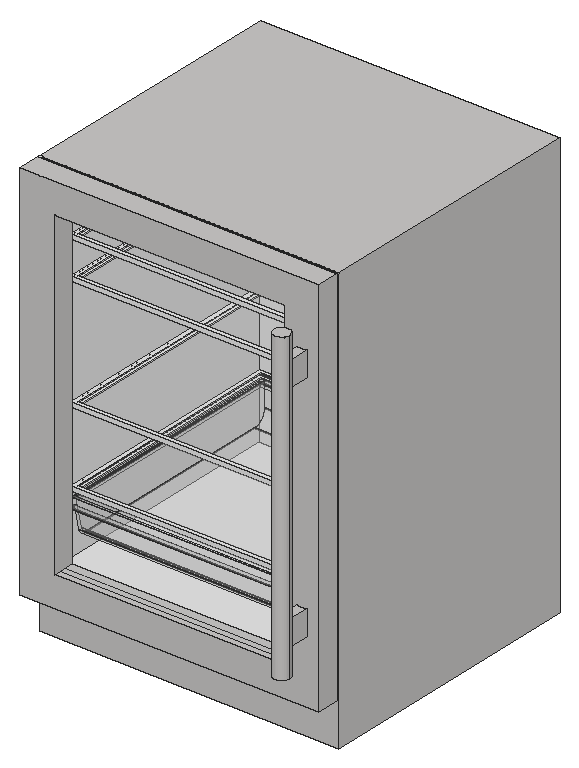
Revit family "542b6c9919b34408b3361f1dc7c026cc", category Specialty Equipment, Revit 2021
Family settings
  Round Connector Dimension = Use Diameter
  Part Type = Normal
  OmniClass Number = 23.40.40.14
  OmniClass Title = Food Service Equipment
  Work Plane-Based = No
  Always vertical = Yes
  Cut with Voids When Loaded = No
  Shared = No
  Room Calculation Point = No
Parameters (values of type "24" LH")
  Width = 1' - 11 7/8"
  Wall Offset = 0' - 1"
  Voltage = 120 V
  Type Comments = ""
  Show Label = yes
  RH = no
  Power Consumption = 500 VA
  Label = "U.C. Refr."
  LH = not(RH)  # yes
  Interior Finish = Appliance - Plastic - White
  Height = 2' - 10"
  Handle Centerline = if(RH, 0' 1 3/8", (Width - 0' 1 3/8"))  # 1' - 10 1/2"
  Glass = Appliance - Glass
  Gasket = Appliance - Gasket
  Description = "Undercounter Beverage Center"
  Depth = 2' - 0"
  Default Elevation = 0' - 0"
  Clear Finish = Appliance - Plastic - Clear
  Assembly Code = "E1090320"
  Appliance Finish = Appliance - Stainless Steel
  Amperage = Power Consumption / Voltage  # 4.16667 A
Types (2): name
  24" RH
  24" LH
Reference planes (in)
  plane 1 "Back": y = 0
  plane 2: z = 0
  plane 3 "Center (Left/Right)": x = 0
  plane 4 "Left": x = -11.9375
  plane 5 "Right": x = 11.9375
  plane 6: y = -1
  plane 7 "Front": y = -25
  plane 8 "Door Back": y = -23
  plane 9 "Top": z = 34
  plane 10 "B.O. Door": z = 3.5
  plane 11: x = 10.5625
  plane 12: z = 31
  plane 13: z = 6.5
  plane 14: z = 28.50242
  plane 15: z = 25.50242
  plane 16: z = 16.50242
  plane 17: z = 10.50242
Forms (in)
  Extrusion 1, solid, material "Appliance - Stainless Steel" <- "Appliance Finish"
    sketch origin (0, 0, 0) x (1, 0, 0) y (0, 1, 0)
      loop
        line (-11.9375, -1) -> (-11.9375, -23) -> (11.9375, -23) -> (11.9375, -1) -> (-11.9375, -1)
    from 0 to 34
  Extrusion 2, solid, material "Appliance - Stainless Steel" <- "Appliance Finish", detail levels fine
    sketch origin (0, -25, 0) x (-1, 0, 0) y (0, 0, 1)
      loop
        line (-10.1875, 29) -> (-10.9375, 29) -> (-10.9375, 27) -> (-10.1875, 27) -> (-10.1875, 29)
      loop
        line (-10.1875, 10.5) -> (-10.9375, 10.5) -> (-10.9375, 8.5) -> (-10.1875, 8.5) -> (-10.1875, 10.5)
    from -1.67554 to 0
  Extrusion 3, solid, material "Appliance - Stainless Steel" <- "Appliance Finish", detail levels fine
    sketch origin (0, 0, 0) x (1, 0, 0) y (0, 1, 0)
      loop
        circle (10.5625, -27.01473) r 0.625
    from 6.5 to 31
  Extrusion 4, solid, material "Appliance - Stainless Steel" <- "Appliance Finish"
    sketch origin (0, -25, 0) x (-1, 0, 0) y (0, 0, 1)
      loop
        line (11.9375, 34) -> (-11.9375, 34) -> (-11.9375, 3.5) -> (11.9375, 3.5) -> (11.9375, 34)
      loop
        line (9.1875, 31.625) -> (-9.1875, 31.625) -> (-9.1875, 5.875) -> (9.1875, 5.875) -> (9.1875, 31.625)
    from 0 to 1.75
  Sweep 5, solid, material "Appliance - Gasket" <- "Gasket", detail levels fine
    path in 3D
      loop
        line (-11.9375, -25, 34) -> (-11.9375, -25, 3.5) -> (11.9375, -25, 3.5) -> (11.9375, -25, 34) -> (-11.9375, -25, 34)
    profile origin (0, -25, 34) x (0, -1, 0) y (0, 0, 1)
      loop
        line (-2, -0.125) -> (-2, -0.25) -> (-1.75, -0.25) -> (-1.75, -0.125)
        arc (-1.75, -0.125) -> (-1.875, 0) -> (-2, -0.125) r 0.125
  Extrusion 6, solid, material "Appliance - Glass" <- "Glass"
    sketch origin (0, -25, 0) x (-1, 0, 0) y (0, 0, 1)
      loop
        line (-9.1875, 31.625) -> (-9.1875, 5.875) -> (9.1875, 5.875) -> (9.1875, 31.625) -> (-9.1875, 31.625)
    from 0.5 to 1
  Extrusion 7, void
    sketch origin (0, -23, 0) x (-1, 0, 0) y (0, 0, 1)
      loop
        line (10.4375, 33.0473) -> (-10.4375, 33.0473) -> (-10.4375, 5.25) -> (10.4375, 5.25) -> (10.4375, 33.0473)
    from 0 to 20
  Extrusion 8, solid, material "Appliance - Glass" <- "Glass", detail levels medium+fine
    sketch origin (0, -23, 0) x (-1, 0, 0) y (0, 0, 1)
      loop
        line (10.1875, 28.50242) -> (-10.1875, 28.50242) -> (-10.1875, 28.25242) -> (10.1875, 28.25242) -> (10.1875, 28.50242)
      loop
        line (10.1875, 25.50242) -> (-10.1875, 25.50242) -> (-10.1875, 25.25242) -> (10.1875, 25.25242) -> (10.1875, 25.50242)
      loop
        line (10.1875, 16.50242) -> (-10.1875, 16.50242) -> (-10.1875, 16.25242) -> (10.1875, 16.25242) -> (10.1875, 16.50242)
      loop
        line (10.1875, 10.50242) -> (-10.1875, 10.50242) -> (-10.1875, 10.25242) -> (10.1875, 10.25242) -> (10.1875, 10.50242)
    from 1 to 19.75
  Sweep 9, solid, material "Appliance - Plastic - White" <- "Interior Finish", detail levels fine
    path in 3D
      loop
        line (-10.1875, -22, 10.50242) -> (10.1875, -22, 10.50242) -> (10.1875, -3.25, 10.50242) -> (-10.1875, -3.25, 10.50242) -> (-10.1875, -22, 10.50242)
    profile origin (-10.1875, -12.625, 10.50242) x (1, 0, 0) y (0, 0, 1)
      loop
        line (0, 0) -> (0.25, 0) -> (0.25, 0.0625) -> (-0.0625, 0.0625) -> (-0.0625, -0.3125) -> (0.25, -0.3125) -> (0.25, -0.25) -> (0, -0.25) -> (0, 0)
      loop
        line (0, 6) -> (0.25, 6) -> (0.25, 6.0625) -> (-0.0625, 6.0625) -> (-0.0625, 5.6875) -> (0.25, 5.6875) -> (0.25, 5.75) -> (0, 5.75) -> (0, 6)
      loop
        line (0, 15) -> (0.25, 15) -> (0.25, 15.0625) -> (-0.0625, 15.0625) -> (-0.0625, 14.6875) -> (0.25, 14.6875) -> (0.25, 14.75) -> (0, 14.75) -> (0, 15)
      loop
        line (0, 18) -> (0.25, 18) -> (0.25, 18.0625) -> (-0.0625, 18.0625) -> (-0.0625, 17.6875) -> (0.25, 17.6875) -> (0.25, 17.75) -> (0, 17.75) -> (0, 18)
  Sweep 10, solid, material "Appliance - Glass" <- "Glass", detail levels medium+fine
    path in 3D
      loop
        line (10.1875, -22, 10.50242) -> (10.1875, -3.25, 10.50242) -> (-10.1875, -3.25, 10.50242) -> (-10.1875, -22, 10.50242)
    profile origin (-10.1875, -12.625, 10.50242) x (1, 0, 0) y (0, 0, 1)
      loop
        line (-0.0625, -0.3125) -> (-0.0625, -0.8125) -> (0.4375, -0.8125) -> (0.4375, -0.5625) -> (0.3125, -0.5625) -> (0.3125, -0.6875) -> (0.0625, -0.6875) -> (0.0625, -0.3125) -> (-0.0625, -0.3125)
  Extrusion 11, solid, material "Appliance - Plastic - Clear" <- "Clear Finish", detail levels fine
    sketch origin (0, 0, 0) x (0, 1, 0) y (0, 0, 1)
      loop
        line (-22.4375, 10.07829) -> (-22.4375, 9.18992)
        arc (-22.4375, 9.18992) -> (-22.375, 9.12742) -> (-22.3125, 9.18992) r 0.0625
        line (-22.3125, 9.18992) -> (-22.3125, 9.45779)
        arc (-22.3125, 9.45779) -> (-22.29065, 9.48205) -> (-22.26424, 9.46286) r 0.0244
        line (-22.26424, 9.46286) -> (-21.85169, 7.52196)
        arc (-21.85169, 7.52196) -> (-21.62183, 7.14686) -> (-21.20713, 7.00001) r 0.65895
        line (-21.20713, 7.00001) -> (-4.3125, 7.00001)
        arc (-4.3125, 7.00001) -> (-3.60539, 7.29291) -> (-3.3125, 8.00001) r 1
        line (-3.3125, 8.00001) -> (-3.3125, 10.18992) -> (-3.4375, 10.18992) -> (-3.4375, 8.18992)
        arc (-3.4375, 8.18992) -> (-3.73039, 7.48281) -> (-4.4375, 7.18992) r 1
        line (-4.4375, 7.18992) -> (-21.19203, 7.18992)
        arc (-21.19203, 7.18992) -> (-21.55052, 7.31686) -> (-21.74922, 7.64112) r 0.56964
        line (-21.74922, 7.64112) -> (-22.27098, 10.09579)
        arc (-22.27098, 10.09579) -> (-22.36212, 10.16201) -> (-22.4375, 10.07829) r 0.08418
    from -9.75 to 9.75
  Extrusion 12, solid, material "Appliance - Plastic - Clear" <- "Clear Finish", detail levels fine
    sketch origin (-11.9375, 0, 0) x (0, 1, 0) y (0, 0, 1)
      loop
        line (-3.4375, 10.09579) -> (-22.27098, 10.09579) -> (-21.74922, 7.64112)
        arc (-21.74922, 7.64112) -> (-21.55052, 7.31686) -> (-21.19203, 7.18992) r 0.56964
        line (-21.19203, 7.18992) -> (-4.4375, 7.18992)
        arc (-4.4375, 7.18992) -> (-3.73039, 7.48281) -> (-3.4375, 8.18992) r 1
        line (-3.4375, 8.18992) -> (-3.4375, 10.09579)
    from 2.1875 to 2.3125
  Extrusion 13, solid, material "Appliance - Plastic - Clear" <- "Clear Finish", detail levels fine
    sketch origin (11.9375, 0, 0) x (0, 1, 0) y (0, 0, 1)
      loop
        arc (-4.4375, 7.18992) -> (-3.73039, 7.48281) -> (-3.4375, 8.18992) r 1
        line (-3.4375, 8.18992) -> (-3.4375, 10.09579) -> (-22.27098, 10.09579) -> (-21.74922, 7.64112)
        arc (-21.74922, 7.64112) -> (-21.55052, 7.31686) -> (-21.19203, 7.18992) r 0.56964
        line (-21.19203, 7.18992) -> (-4.4375, 7.18992)
    from -2.3125 to -2.1875
Cuts and joins
  Extrusion 7 cuts Extrusion 2
  Extrusion 7 cuts Extrusion 3
  joined: Extrusion 2, Extrusion 3
  Extrusion 7 cuts Extrusion 1
  Extrusion 7 cuts Extrusion 4
  Extrusion 7 cuts Extrusion 6
  joined: Extrusion 8, Sweep 10
  joined: Extrusion 11, Extrusion 12, Extrusion 13
Lines and regions (in)
  Split face 1
    outline origin (-11.9375, -1, 0) x (1, 0, 0) y (0, 0, -1)
      loop
        circle (17.875, -28) r 2
  Masking region 1
    outline origin (0, 0, 0) x (1, 0, 0) y (0, 1, 0)
      loop
        line (-11.9375, -1) -> (-11.9375, -25) -> (11.9375, -25) -> (11.9375, -1) -> (-11.9375, -1)
  Masking region 2, detail levels fine
    outline origin (0, 0, 0) x (1, 0, 0) y (0, 1, 0)
      loop
        line (10.9375, -26.51473) -> (10.9375, -25) -> (10.1875, -25) -> (10.1875, -26.51473)
        arc (10.1875, -26.51473) -> (10.00348, -26.73522) -> (9.9375, -27.01473) r 0.625
        arc (9.9375, -27.01473) -> (10.5625, -27.63973) -> (11.1875, -27.01473) r 0.625
        arc (11.1875, -27.01473) -> (11.12152, -26.73522) -> (10.9375, -26.51473) r 0.625
  symbolic lines, style "Appliances - Plan Swing", visible <- "LH", detail levels medium+fine
    curve 1: arc (11.9375, -25, 0) -> (4.94467, -41.88217, 0) -> (-11.9375, -48.875, 0) r 23.875
    curve 2: line (-11.9375, -25, 0) -> (-11.9375, -48.875, 0)
  symbolic lines, style "Appliances - Plan Swing", visible <- "RH", detail levels medium+fine
    curve 3: arc (-11.9375, -25, 0) -> (-4.94467, -41.88217, 0) -> (11.9375, -48.875, 0) r 23.875
    curve 4: line (11.9375, -48.875, 0) -> (11.9375, -25, 0)
  sketch lines
    curve 5: line (11.9375, -25, 34) -> (-11.9375, -25, 34)
    curve 6: line (11.9375, -25, 3.5) -> (11.9375, -25, 34)
    curve 7: line (-11.9375, -25, 3.5) -> (11.9375, -25, 3.5)
    curve 8: line (-11.9375, -25, 34) -> (-11.9375, -25, 3.5)
    curve 18: line (-10.1875, -3.25, 10.50242) -> (-10.1875, -22, 10.50242)
    curve 19: line (-10.1875, -3.25, 10.50242) -> (10.1875, -3.25, 10.50242)
    curve 20: line (10.1875, -3.25, 10.50242) -> (10.1875, -22, 10.50242)
    curve 21: line (10.1875, -22, 10.50242) -> (-10.1875, -22, 10.50242)
    curve 22: line (-10.1875, -3.25, 10.50242) -> (-10.1875, -22, 10.50242)
    curve 23: line (-10.1875, -3.25, 10.50242) -> (10.1875, -3.25, 10.50242)
    curve 24: line (10.1875, -3.25, 10.50242) -> (10.1875, -22, 10.50242)
  symbolic lines, style "Appliances"
    curve 9: line (-11.9375, -1, 0) -> (11.9375, -1, 0)
    curve 10: line (-11.9375, -25, 0) -> (-11.9375, -1, 0)
    curve 11: line (11.9375, -25, 0) -> (-11.9375, -25, 0)
    curve 12: line (11.9375, -1, 0) -> (11.9375, -25, 0)
  symbolic lines, style "Appliances - Hidden"
    curve 13: line (-11.9375, -23, 0) -> (11.9375, -23, 0)
  symbolic lines, style "Appliances", detail levels fine
    curve 14: arc (11.1875, -27.01473, 0) -> (10.5625, -26.38973, 0) -> (9.9375, -27.01473, 0) r 0.625
    curve 15: arc (9.9375, -27.01473, 0) -> (10.5625, -27.63973, 0) -> (11.1875, -27.01473, 0) r 0.625
    curve 16: line (10.9375, -26.51473, 0) -> (10.9375, -25, 0)
    curve 17: line (10.1875, -25, 0) -> (10.1875, -26.51473, 0)
Dimensions and locks (in)
  equal spacing: plane 4 "Left", plane 3 "Center (Left/Right)", plane 5 "Right"
  "Width": plane 4 "Left" to plane 5 "Right"
  "Depth": plane 6 to plane 7 "Front"
  "Wall Offset": plane 1 "Back" to plane 6
  "Height": plane 9 "Top" to level
  locked: plane 10 "B.O. Door" to level at 3.5
  locked: plane 8 "Door Back" to plane 7 "Front" at 2
  locked: plane 9 "Top" to plane 12 at 3
  locked: plane 13 to plane 10 "B.O. Door" at 3
  Extrusion 2 sketch curve to plane 11 to Extrusion 2 sketch curve = 0' - 0 3/8" locked, 0' - 0 3/8" locked  (x2)
  plane 12 to Extrusion 2 sketch curve to Extrusion 2 sketch curve = 0' - 2" locked, 0' - 2" locked
  Extrusion 2 sketch curve to Extrusion 2 sketch curve to plane 13 = 0' - 2" locked, 0' - 2" locked
  locked: plane 7 "Front" to Extrusion 3 sketch curve at 2.01473
  locked: Split face 1 sketch curve to plane 9 "Top" at 6
  locked: plane 5 "Right" to Split face 1 sketch curve at 6
  "Handle Centerline": plane 4 "Left" to plane 11
  equal spacing: plane 6, nested 1, plane 8 "Door Back"
  locked: plane 9 "Top" to Sweep 5 sketch curve at 0.25
  locked: plane 5 "Right" to Extrusion 4 sketch curve at 2.75
  locked: Extrusion 4 sketch curve to plane 4 "Left" at 2.75
  locked: plane 9 "Top" to Extrusion 4 sketch curve at 2.375
  locked: Extrusion 4 sketch curve to plane 10 "B.O. Door" at 2.375
  locked: plane 5 "Right" to Extrusion 7 sketch curve at 1.5
  locked: Extrusion 7 sketch curve to plane 4 "Left" at 1.5
  locked: plane 6 to cut or joined group of Extrusion 1, Extrusion 7 at 2
  plane 14 to plane 15 to plane 16 to plane 17 to plane 13 = 0' - 3" locked, 0' - 9" locked, 0' - 6" locked, 0' - 4.00242" locked
  locked: Extrusion 7 sketch curve to plane 10 "B.O. Door" at 1.75
  locked: Extrusion 8 sketch curve to plane 4 "Left" at 1.75  (x4)
  locked: plane 5 "Right" to Extrusion 8 sketch curve at 1.75  (x4)
  locked: plane 14 to Extrusion 8 sketch curve at 0.25
  locked: plane 15 to Extrusion 8 sketch curve at 0.25
  locked: plane 16 to Extrusion 8 sketch curve at 0.25
  locked: plane 17 to Extrusion 8 sketch curve at 0.25
  locked: plane 6 to cut or joined group of Extrusion 8, Sweep 10 at 2.25
  "Width": radius of curve 3
  "Width": radius of curve 1
  aligned and locked: plane 2 to level
  aligned and locked: Extrusion 1 sketch curve to plane 6
  aligned and locked: plane 4 "Left" to Extrusion 1 sketch curve
  aligned and locked: plane 8 "Door Back" to Extrusion 1 sketch curve
  aligned and locked: Extrusion 1 sketch curve to plane 5 "Right"
  aligned and locked: plane 9 "Top" to Extrusion 1
  aligned and locked: plane 7 "Front" to Extrusion 2
  aligned and locked: plane 11 to Extrusion 3 sketch curve
  aligned and locked: Extrusion 3 to plane 13
  aligned and locked: plane 12 to Extrusion 3
  aligned and locked: plane 12 to cut or joined group of Extrusion 2, Extrusion 3, Extrusion 7
  aligned and locked: plane 4 "Left" to Extrusion 4 sketch curve
  aligned and locked: Extrusion 4 sketch curve to plane 5 "Right"
  aligned and locked: plane 10 "B.O. Door" to Extrusion 4 sketch curve
  aligned and locked: plane 3 "Center (Left/Right)" to nested 1
  aligned and locked: Masking region 1 sketch curve to plane 5 "Right"
  aligned and locked: Masking region 1 sketch curve to plane 6
  aligned and locked: plane 4 "Left" to Masking region 1 sketch curve
  aligned and locked: plane 7 "Front" to Masking region 1 sketch curve
  aligned and locked: Masking region 2 sketch curve to cut or joined group of Extrusion 2, Extrusion 3, Extrusion 7  (x5)
  aligned and locked: Masking region 2 sketch curve to plane 7 "Front"
  aligned and locked: Extrusion 4 sketch curve to plane 9 "Top"
  aligned and locked: Extrusion 6 sketch curve to Extrusion 4  (x4)
  aligned and locked: Extrusion 8 sketch curve to plane 14
  aligned and locked: Extrusion 8 sketch curve to plane 17
  aligned and locked: Extrusion 8 sketch curve to plane 16
  aligned and locked: Extrusion 8 sketch curve to plane 15
  aligned and locked: Extrusion 11 to cut or joined group of Extrusion 8, Sweep 10  (x2)
  aligned and locked: Extrusion 11 to Extrusion 12 sketch curve
  aligned and locked: Extrusion 12 sketch curve to Extrusion 11  (x3)
  aligned and locked: Extrusion 12 to cut or joined group of Extrusion 8, Sweep 10
  aligned and locked: Extrusion 13 sketch curve to cut or joined group of Extrusion 11, Extrusion 12, Extrusion 13  (x3)
  aligned and locked: cut or joined group of Extrusion 11, Extrusion 12, Extrusion 13 to Extrusion 13 sketch curve
  aligned and locked: Extrusion 13 to cut or joined group of Extrusion 8, Sweep 10
Automatic sketch dimensions
  Sweep 5 sketch curve to profile plane = 0' - 0 1/8"
  profile plane to Sweep 5 sketch curve = 0' - 2"
  Sweep 5 sketch curve to Sweep 5 sketch curve = 0' - 0 1/8"
  Extrusion 7 sketch curve to plane 9 "Top" = 0' - 0.9527"
  profile plane to Sweep 9 sketch curve = 0' - 0"  (x4)
  Sweep 9 sketch curve to profile plane = 0' - 0"
  profile plane to Sweep 9 sketch curve = 0' - 0 1/16"  (x5)
  Sweep 9 sketch curve to profile plane = 0' - 0 1/4"  (x7)
  Sweep 9 sketch curve to Sweep 9 sketch curve = 0' - 0 1/4"  (x5)
  Sweep 9 sketch curve to Sweep 9 sketch curve = 0' - 0 1/16"  (x7)
  Sweep 9 sketch curve to Sweep 9 sketch curve = 0' - 5 5/8"
  Sweep 9 sketch curve to Sweep 9 sketch curve = 0' - 8 5/8"
  Sweep 9 sketch curve to Sweep 9 sketch curve = 0' - 2 5/8"
  profile plane to Sweep 10 sketch curve = 0' - 0 1/16"
  Sweep 10 sketch curve to profile plane = 0' - 0 1/16"
  Sweep 10 sketch curve to Sweep 10 sketch curve = 0' - 0 1/4"
  Sweep 10 sketch curve to Sweep 10 sketch curve = 0' - 0 1/8"  (x3)
  Sweep 10 sketch curve to profile plane = 0' - 0 13/16"
  Sweep 10 sketch curve to profile plane = 0' - 0 5/16"
  plane 8 "Door Back" to Extrusion 11 sketch curve = 0' - 0 9/16"
  Extrusion 11 sketch curve to Extrusion 11 sketch curve = 0' - 0 1/16"
  Extrusion 11 sketch curve to Extrusion 11 sketch curve = 0' - 0.08418"
  Extrusion 11 sketch curve to Extrusion 11 sketch curve = 0' - 0.0244"
  Extrusion 11 sketch curve to plane 17 = 0' - 0.40663"
  Extrusion 11 sketch curve to Extrusion 11 sketch curve = 0' - 0.08234"
  Extrusion 11 sketch curve to Extrusion 11 sketch curve = 0' - 0.02386"
  plane 8 "Door Back" to Extrusion 11 sketch curve = 0' - 1.14831"
  Extrusion 11 sketch curve to Extrusion 11 sketch curve = 0' - 0.10246"
  Extrusion 11 sketch curve to Extrusion 11 sketch curve = 0' - 0.54209"
  Extrusion 11 sketch curve to Extrusion 11 sketch curve = 0' - 0.0151"
  plane 13 to Extrusion 11 sketch curve = 0' - 0.68992"
  Extrusion 11 sketch curve to plane 6 = 0' - 3 7/16"
  Extrusion 11 sketch curve to Extrusion 11 sketch curve = 0' - 0 1/8"  (x2)
  Extrusion 11 sketch curve to plane 17 = 0' - 0 5/16"
  Extrusion 11 sketch curve to Extrusion 11 sketch curve = 0' - 1"
  Extrusion 11 sketch curve to Extrusion 11 sketch curve = 0' - 0.18991"
  Extrusion 11 sketch curve to Extrusion 11 sketch curve = 0' - 0 85/256"
  Extrusion 11 sketch curve to Extrusion 11 sketch curve = 0' - 0.11916"
  Extrusion 11 sketch curve to Extrusion 11 sketch curve = 0' - 0.88837"
  Extrusion 11 sketch curve to Extrusion 11 sketch curve = 0' - 0.26787"
  plane 13 to Extrusion 12 sketch curve = 0' - 1.14112"
  Extrusion 12 sketch curve to plane 17 = 0' - 0.40663"
  plane 13 to Extrusion 13 sketch curve = 0' - 1.14112"
  plane 8 "Door Back" to Extrusion 13 sketch curve = 0' - 0.72902"
  curve 1 to plane 4 "Left" = 0' - 0"
  curve 17 to plane 7 "Front" = 0' - 0"
  curve 15 to plane 11 = 0' - 0"
  curve 13 to plane 8 "Door Back" = 0' - 0"
  curve 9 to plane 6 = 0' - 0"
  curve 15 to plane 7 "Front" = 0' - 2.01473"
  curve 15 to plane 11 = 0' - 0 5/8"
  curve 17 to plane 11 = 0' - 0 3/8"
  plane 11 to curve 16 = 0' - 0 3/8"
  radius of Extrusion 3 sketch curve = 0' - 0 5/8"
  radius of Split face 1 sketch curve = 0' - 2"
Nested families (in)
  nested 1: "Label Annotation 3-32" at (0, -12, 0), visible <- "Show Label", type "Label Annotation 3-32"
Connectors (in)
  electrical at (5.9375, -1, 28), driven by "Voltage", driven by "Power Consumption"
    settings: on Extrusion 1, index 1, voltage 120 V, apparent load 500 VA, apparent load phase1 0 VA, apparent load phase2 0 VA, apparent load phase3 0 VA, power factor 1, load classification "Appliance", number of poles 1, system type 30, power factor state 1, is connector primary yes, connector utility no, sub classification motor no, connector description "Refrigerator Power"
Definition of nested family "Label Annotation 3-32"
  Parameters
    Label = "Freezer 36 LH"
  Reference planes (in)
    plane 1: y = 0
    plane 2: x = 0
  Text (in)
    label "Label" at (0.00375, -0.00345, 0), shows "Label"
